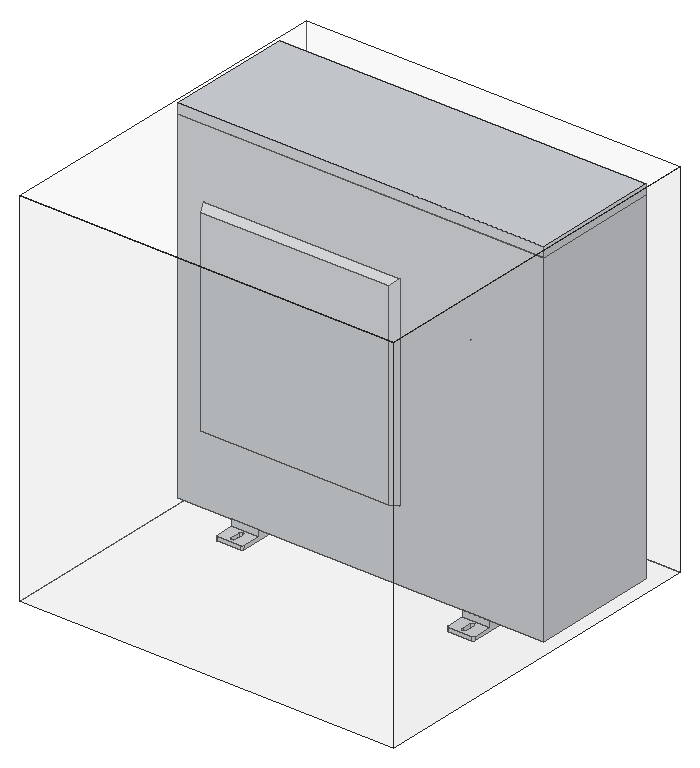
Revit family "puz-zrmp80hka15_280ka5_60hz", category 機械設備, Revit 2019
Family settings
  丸型コネクタ寸法 = 直径を使用
  パーツ タイプ = 標準
  OmniClass 番号 = 23.75.10.24.21.27.27
  OmniClass タイトル = Split System Air Conditioning Units
  作業面ベース = いいえ
  常に垂直 = はい
  ロード時にボイドで切り取り = いいえ
  共有 = いいえ
  部屋計算ポイント = いいえ
Parameters (values of type "室外機_PUZ-ZRMP80HA15")
  音響パワーレベル_冷房 (dB) = 66
  音響パワーレベル_暖房 (dB) = 68
  音響パワーレベル(dB) = if([音響パワーレベル_冷房 (dB)] > [音響パワーレベル_暖房 (dB)], [音響パワーレベル_冷房 (dB)], [音響パワーレベル_暖房 (dB)])  # 68
  電源種別 = ""
  電源位置Y = 2 mm
  電源位置Z = 669 mm
  電源位置X = 275 mm
  電圧 = 200 V
  電動機出力_送風機 = 0.06 kW
  電動機出力_圧縮機 = 1.6 kW
  集中コントローラ [instance] = ""
  運転質量 = 0.00 kg
  運転方法 = "冷暖切替"
  質量 = if(製品質量 > 運転質量, 製品質量, 運転質量) * 1.2  # 84.00 kg
  負荷分類 = 1_熱源類
  説明 = "空冷H/P PAC インバータ室外機"
  設計暖房能力 [instance] = 0 kW
  設計冷房能力_顕熱 [instance] = 0 kW
  設計冷房能力 [instance] = 0 kW
  設置方法 = "床置形"
  記号 [instance] = ""
  製造元 = "三菱電機株式会社"
  製品質量 = 70.00 kg
  製品出荷対象 = "国内"
  製品リリース年月 = ""
  製品グループ = ""
  系統 [instance] = ""
  符号 = "PAC"
  積算_科目 = "1 空気調和設備"
  積算_拾い区分 [instance] = ""
  相 = 1
  盤記号 [instance] = ""
  発停方法 = "付属スイッチ"
  特殊仕様 [instance] = ""
  消費電力_暖房 = 2.34 kW
  消費電力_冷房 = 1.98 kW
  消費電力 = if(消費電力_冷房 > 消費電力_暖房, 消費電力_冷房, 消費電力_暖房)  # 2.34 kW
  法定耐用年数 = "6"
  構成品番 = "PUZ-ZRMP80SHA15-BSG"
  極数 = 1
  材質 [instance] = ""
  本体マテリアル = none
  最小電線太さ_mm2 = 3.5
  最大電流値 = 0 A
  暖房能力 = 8 kW
  推奨ブレーカー容量 = 30 A
  据付ピッチ1 = 0 mm
  形式 = "パッケージ形 室外機"
  形名 = PUZ-EZRMP-2 : PUZ-EZRMP-2-2
  幹線記号 [instance] = ""
  始動方式 = "インバータ始動方式"
  呼称 = "パッケージ形空気調和機_室外機"
  周波数 = 60 Hz
  価格 = 0
  ドレン　位置Z = 23 mm
  ドレン　位置Y = 111 mm
  ドレン　位置X = 30 mm
  アンカーボルト位置Y = 370 mm
  アンカーボルト位置X = 600 mm
  参照している仕様書等のバージョン = "公共建築物標準仕様書（機械設備工事編）平成31年度版"
  分類コード = "5.0053E+13"
  分類グループ = ""
  冷房能力 = 7.1 kW
  冷媒管（ガス）位置X = 434 mm
  冷媒管（液）位置X = 377 mm
  冷媒管（液）位置Y = 290 mm
  冷媒管（ガス）位置Y = 229 mm
  冷媒管長 [instance] = 0 mm
  冷媒管径符号 = "Bd"
  冷媒管径 = 100.00 mm
  冷媒管位置Z = 447 mm
  冷媒管位置Y = (冷媒管（液）位置Y + 冷媒管（ガス）位置Y) / 2  # 259.5 mm
  冷媒管位置X = (冷媒管（液）位置X + 冷媒管（ガス）位置X) / 2  # 405.5 mm
  冷媒液管径 = 9.52 mm
  冷媒ガス管径 = 15.88 mm
  企業コード = "108420"
  付属品 [instance] = ""
  仕様書バージョン = "Version1.0"
  ユニット数 = 1
  ユニット3 = yes
  ユニット2 = yes
  Model = ""
  ドレン管径 = 33.00 mm
  サービススペース = yes
  コメント [instance] = ""
  ケーブル種類1 = ""
  【値が 0 の項目は組合せ形名にてご確認ください】 = ""
  Width = 950 mm
  Version = ""
  Uniclass2015Version = "Systems v1.9"
  Uniclass2015Title = "Split coil remote air cooled condensing units"
  Uniclass2015Code = "Pr_70_65_03_84"
  URL = "https://www.mitsubishielectric.co.jp/ldg/wink/ssl/top.do"
  SpecificationReference = ""
  SpecificationDescription = ""
  Revision = ""
  ProductInformation = ""
  OmniClassCode = "23-33 17 13 11"
  IfcTypeProduct = ""
  IfcProduct = ""
  IfcExportType = "AIRCONDITIONINGUNIT"
  IfcExportAs = "IfcUnitaryEquipmentType"
  Height = 943 mm
  Depth = 330 mm
  Clearance Top = 0 mm
  Clearance Right = 10 mm
  Clearance Left = 10 mm
  Clearance Front = 500 mm
  Clearance Bottom = 0 mm
  Clearance Back = 100 mm
  COP_暖房 = 0
  COP_冷房 = 0
  COP = (COP_冷房 + COP_暖房) / 2  # 0
  Author = "三菱電機株式会社"
  APF = 0
Reference planes
  plane 1 "中心(正面/背面)": y = 74
  plane 2: z = 0
  plane 3 "中心(左/右)": x = 830
  plane 4 "右": x = 1305
  plane 5 "左": x = 355
  plane 6 "背面": y = 239
  plane 7 "正面": y = -91
  plane 8 "上部": z = 943
  plane 9 "Clearanse Top": z = 943
  plane 10 "SS_back": y = 339
  plane 11 "SS_front": y = -591
  plane 12 "SS_left": x = 345
  plane 13 "SS_right": x = 1315
  plane 14: z = 0
  plane 15: y = -89
  plane 16: x = 1105
  plane 17: z = 669
  plane 18: y = -87
  plane 19: y = -20.5
  plane 20: x = 1235.5
  plane 21: z = 447
  plane 22: z = 449
  plane 23: y = 128
  plane 24: x = 385
  plane 25: z = 25
  plane 26: z = 23
  plane 27: x = 530
  plane 28: x = 1130
  plane 29: y = 254
  plane 30: y = -116
Forms (mm)
  Extrusion 1, solid, detail levels fine
    sketch origin (0, -91, 0) x (1, 0, 0) y (0, 0, 1)
      loop
        circle (1105, 669) r 13.5
    from -4 to -2
  Extrusion 2, solid, detail levels fine
    sketch origin (-1437.329, -1524, 54) x (-1, 0, 0) y (0, -1, 0)
      loop
        circle (-2672.829, -1503.5) r 50
    from 393 to 395
  Extrusion 3, solid, detail levels fine
    sketch origin (-1437.329, -1524, 54) x (-1, 0, 0) y (0, -1, 0)
      loop
        circle (-1822.329, -1652) r 16.5
    from -31 to -29
Lines and regions (mm)
  model lines, not visible
    curve 1: line (460, 178.667, 1289.179) -> (460, 297.73, 1289.179)
    curve 2: line (460, 178.667, 1056.056) -> (460, 178.667, 1289.179)
    curve 3: line (460, 297.73, 1056.056) -> (460, 178.667, 1056.056)
    curve 4: line (460, 297.73, 1289.179) -> (460, 297.73, 1056.056)
    curve 5: line (460, 47.598, 1289.179) -> (460, 166.661, 1289.179)
    curve 6: line (460, 47.598, 1056.056) -> (460, 47.598, 1289.179)
    curve 7: line (460, 166.661, 1056.056) -> (460, 47.598, 1056.056)
    curve 8: line (460, 166.661, 1289.179) -> (460, 166.661, 1056.056)
    curve 9: line (460, -83.471, 1289.179) -> (460, 35.592, 1289.179)
    curve 10: line (460, -83.471, 1056.056) -> (460, -83.471, 1289.179)
    curve 11: line (460, 35.592, 1056.056) -> (460, -83.471, 1056.056)
    curve 12: line (460, 35.592, 1289.179) -> (460, 35.592, 1056.056)
    curve 13: line (460, -150.779, 1289.179) -> (460, -95.75, 1289.179)
    curve 14: line (460, -150.779, 1056.056) -> (460, -150.779, 1289.179)
    curve 15: line (460, -95.75, 1056.056) -> (460, -150.779, 1056.056)
    curve 16: line (460, -95.75, 1289.179) -> (460, -95.75, 1056.056)
    curve 17: line (460, -150.779, 1283.175) -> (460, -132.596, 1283.175)
    curve 18: line (460, -150.779, 1062.059) -> (460, -150.779, 1283.175)
    curve 19: line (460, -132.596, 1062.059) -> (460, -150.779, 1062.059)
    curve 20: line (460, -132.596, 1283.175) -> (460, -132.596, 1062.059)
    curve 21: line (460, 178.667, 1046.051) -> (460, 297.73, 1046.051)
    curve 22: line (460, 178.667, 812.928) -> (460, 178.667, 1046.051)
    curve 23: line (460, 297.73, 812.928) -> (460, 178.667, 812.928)
    curve 24: line (460, 297.73, 1046.051) -> (460, 297.73, 812.928)
    curve 25: line (460, 47.598, 1046.051) -> (460, 166.661, 1046.051)
    curve 26: line (460, 47.598, 812.928) -> (460, 47.598, 1046.051)
    curve 27: line (460, 166.661, 812.928) -> (460, 47.598, 812.928)
    curve 28: line (460, 166.661, 1046.051) -> (460, 166.661, 812.928)
    curve 29: line (460, -83.471, 1046.051) -> (460, 35.592, 1046.051)
    curve 30: line (460, -83.471, 812.928) -> (460, -83.471, 1046.051)
    curve 31: line (460, 35.592, 812.928) -> (460, -83.471, 812.928)
    curve 32: line (460, 35.592, 1046.051) -> (460, 35.592, 812.928)
    curve 33: line (460, -150.779, 1046.051) -> (460, -95.75, 1046.051)
    curve 34: line (460, -150.779, 812.928) -> (460, -150.779, 1046.051)
    curve 35: line (460, -95.75, 812.928) -> (460, -150.779, 812.928)
    curve 36: line (460, -95.75, 1046.051) -> (460, -95.75, 812.928)
    curve 37: line (460, -150.779, 1040.048) -> (460, -132.596, 1040.048)
    curve 38: line (460, -150.779, 818.931) -> (460, -150.779, 1040.048)
    curve 39: line (460, -132.596, 818.931) -> (460, -150.779, 818.931)
    curve 40: line (460, -132.596, 1040.048) -> (460, -132.596, 818.931)
    curve 41: line (460, 178.667, 802.923) -> (460, 297.73, 802.923)
    curve 42: line (460, 178.667, 569.8) -> (460, 178.667, 802.923)
    curve 43: line (460, 297.73, 569.8) -> (460, 178.667, 569.8)
    curve 44: line (460, 297.73, 802.923) -> (460, 297.73, 569.8)
    curve 45: line (460, 47.598, 802.923) -> (460, 166.661, 802.923)
    curve 46: line (460, 47.598, 569.8) -> (460, 47.598, 802.923)
    curve 47: line (460, 166.661, 569.8) -> (460, 47.598, 569.8)
    curve 48: line (460, 166.661, 802.923) -> (460, 166.661, 569.8)
    curve 49: line (460, -83.471, 802.923) -> (460, 35.592, 802.923)
    curve 50: line (460, -83.471, 569.8) -> (460, -83.471, 802.923)
    curve 51: line (460, 35.592, 569.8) -> (460, -83.471, 569.8)
    curve 52: line (460, 35.592, 802.923) -> (460, 35.592, 569.8)
    curve 53: line (460, -150.779, 802.923) -> (460, -95.75, 802.923)
    curve 54: line (460, -150.779, 569.8) -> (460, -150.779, 802.923)
    curve 55: line (460, -95.75, 569.8) -> (460, -150.779, 569.8)
    curve 56: line (460, -95.75, 802.923) -> (460, -95.75, 569.8)
    curve 57: line (460, -150.779, 796.92) -> (460, -132.596, 796.92)
    curve 58: line (460, -150.779, 575.803) -> (460, -150.779, 796.92)
    curve 59: line (460, -132.596, 575.803) -> (460, -150.779, 575.803)
    curve 60: line (460, -132.596, 796.92) -> (460, -132.596, 575.803)
    curve 61: line (460, 178.667, 559.795) -> (460, 297.73, 559.795)
    curve 62: line (460, 178.667, 326.672) -> (460, 178.667, 559.795)
    curve 63: line (460, 297.73, 326.672) -> (460, 178.667, 326.672)
    curve 64: line (460, 297.73, 559.795) -> (460, 297.73, 326.672)
    curve 65: line (460, 47.598, 559.795) -> (460, 166.661, 559.795)
    curve 66: line (460, 47.598, 326.672) -> (460, 47.598, 559.795)
    curve 67: line (460, 166.661, 326.672) -> (460, 47.598, 326.672)
    curve 68: line (460, 166.661, 559.795) -> (460, 166.661, 326.672)
    curve 69: line (460, -83.471, 559.795) -> (460, 35.592, 559.795)
    curve 70: line (460, -83.471, 326.672) -> (460, -83.471, 559.795)
    curve 71: line (460, 35.592, 326.672) -> (460, -83.471, 326.672)
    curve 72: line (460, 35.592, 559.795) -> (460, 35.592, 326.672)
    curve 73: line (460, -150.779, 559.795) -> (460, -95.75, 559.795)
    curve 74: line (460, -150.779, 326.672) -> (460, -150.779, 559.795)
    curve 75: line (460, -95.75, 326.672) -> (460, -150.779, 326.672)
    curve 76: line (460, -95.75, 559.795) -> (460, -95.75, 326.672)
    curve 77: line (460, -150.779, 553.792) -> (460, -132.596, 553.792)
    curve 78: line (460, -150.779, 332.675) -> (460, -150.779, 553.792)
    curve 79: line (460, -132.596, 332.675) -> (460, -150.779, 332.675)
    curve 80: line (460, -132.596, 553.792) -> (460, -132.596, 332.675)
    curve 81: line (460, 178.667, 316.667) -> (460, 297.73, 316.667)
    curve 82: line (460, 178.667, 83.544) -> (460, 178.667, 316.667)
    curve 83: line (460, 297.73, 83.544) -> (460, 178.667, 83.544)
    curve 84: line (460, 297.73, 316.667) -> (460, 297.73, 83.544)
    curve 85: line (460, 47.598, 316.667) -> (460, 166.661, 316.667)
    curve 86: line (460, 47.598, 83.544) -> (460, 47.598, 316.667)
    curve 87: line (460, 166.661, 83.544) -> (460, 47.598, 83.544)
    curve 88: line (460, 166.661, 316.667) -> (460, 166.661, 83.544)
    curve 89: line (460, -83.471, 316.667) -> (460, 35.592, 316.667)
    curve 90: line (460, -83.471, 83.544) -> (460, -83.471, 316.667)
    curve 91: line (460, 35.592, 83.544) -> (460, -83.471, 83.544)
    curve 92: line (460, 35.592, 316.667) -> (460, 35.592, 83.544)
    curve 93: line (460, -150.779, 316.667) -> (460, -95.75, 316.667)
    curve 94: line (460, -150.779, 83.544) -> (460, -150.779, 316.667)
    curve 95: line (460, -95.75, 83.544) -> (460, -150.779, 83.544)
    curve 96: line (460, -95.75, 316.667) -> (460, -95.75, 83.544)
    curve 97: line (460, -150.779, 310.664) -> (460, -132.596, 310.664)
    curve 98: line (460, -150.779, 89.547) -> (460, -150.779, 310.664)
    curve 99: line (460, -132.596, 89.547) -> (460, -150.779, 89.547)
    curve 100: line (460, -132.596, 310.664) -> (460, -132.596, 89.547)
Dimensions and locks
  equal spacing: plane 7 "正面", plane 1 "中心(正面/背面)", plane 6 "背面"
  "Depth": plane 7 "正面" to plane 6 "背面"
  "Width": plane 5 "左" to plane 4 "右"
  equal spacing: plane 5 "左", plane 3 "中心(左/右)", plane 4 "右"
  "Clearance Left": plane 12 "SS_left" to plane 5 "左"
  "Clearance Right": plane 4 "右" to plane 13 "SS_right"
  "Clearance Back": plane 6 "背面" to plane 10 "SS_back"
  "Clearance Front": plane 11 "SS_front" to plane 7 "正面"
  "Height": plane 8 "上部" to level
  "Clearance Top": plane 9 "Clearanse Top" to plane 8 "上部"
  "Clearance Bottom": level to plane 14
  "電源位置X": plane 3 "中心(左/右)" to plane 16
  "電源位置Y": plane 7 "正面" to plane 15
  "電源位置Z": plane 17 to level
  locked: plane 15 to plane 18 at 2
  "冷媒管位置X": plane 3 "中心(左/右)" to plane 20
  "冷媒管位置Y": plane 19 to plane 6 "背面"
  "冷媒管位置Z": plane 21 to level
  locked: plane 22 to plane 21 at 2
  "ドレン　位置X": plane 5 "左" to plane 24
  "ドレン　位置Y": plane 23 to plane 6 "背面"
  locked: plane 25 to plane 26 at 2
  "ドレン　位置Z": plane 26 to level
  "アンカーボルト位置Y": plane 30 to plane 29
  equal spacing: plane 27, plane 3 "中心(左/右)", plane 28
  "アンカーボルト位置X": plane 27 to plane 28
  plane 6 "背面" to plane 29 to nested 2 = 15 mm, 19 mm
  plane 30 to plane 7 "正面" = 25 mm
  radius of Extrusion 1 sketch curve = 13.5 mm
  "冷媒管径": diameter of Extrusion 2 sketch curve
  "ドレン管径": diameter of Extrusion 3 sketch curve
  aligned and locked: level to plane 2
  aligned and locked: plane 10 "SS_back" to nested 1  (x2)
  aligned and locked: plane 13 "SS_right" to nested 1
  aligned and locked: plane 12 "SS_left" to nested 1  (x2)
  aligned and locked: nested 1 to plane 13 "SS_right"
  aligned and locked: plane 11 "SS_front" to nested 1
  aligned and locked: plane 9 "Clearanse Top" to nested 1
  aligned and locked: plane 1 "中心(正面/背面)" to nested 2
  aligned and locked: plane 3 "中心(左/右)" to nested 2
  aligned and locked: plane 14 to nested 1
  aligned and locked: plane 17 to Extrusion 1 sketch curve
  aligned and locked: plane 16 to Extrusion 1 sketch curve
  aligned and locked: Extrusion 1 to plane 18
  aligned and locked: plane 15 to Extrusion 1
  aligned and locked: plane 19 to Extrusion 2 sketch curve
  aligned and locked: plane 20 to Extrusion 2 sketch curve
  aligned and locked: plane 22 to Extrusion 2
  aligned and locked: Extrusion 2 to plane 21
  aligned and locked: plane 24 to Extrusion 3 sketch curve
  aligned and locked: plane 23 to Extrusion 3 sketch curve
  aligned and locked: plane 25 to Extrusion 3
  aligned and locked: Extrusion 3 to plane 26
  aligned and locked: plane 27 to nested 3
  aligned and locked: plane 29 to nested 3
Nested families
  nested 1: "サービススペース" at (830, -126, 471.5), visible <- "サービススペース", type "サービススペース"
    with Width 970 mm, Height 943 mm, Depth 930 mm
  nested 2: "PUZ-EZRMP-2" at (830, 74, 0), type <- "形名", type "PUZ-EZRMP-2-2", detail levels fine
  nested 3: "固定点" at (530, -116, 0), type "固定点"
    with W 600 mm, D 370 mm
Connectors
  piping at (1235.5, -20.5, 447), diameter 100, driven by "冷媒管径", driven by "冷媒管径符号"
    settings: on Extrusion 2, index 1, connector inside diameter 609.60 mm, connector length 0 mm, flow factor 0, pipe flow 0.0 L/s, pressure drop 0.0 Pa, fitting loss kfactor 0, connector angle 0.00°, fixture units 0, engagement length 0 mm, angle of deflection 0.00°, flow configuration 1, flow direction 2, fitting loss method 4, system type 7, joint type 0, gender type 0, connector reference index -1, connector utility 0, adjustable connector no, is connector primary yes, connector description "Bd"
  electrical at (1105, -89, 669), driven by "極数", driven by "負荷分類", driven by "電圧", driven by "消費電力"
    settings: on Extrusion 1, index 2, voltage 200 V, apparent load 2340 VA, apparent load phase1 0 VA, apparent load phase2 0 VA, apparent load phase3 0 VA, power factor 1, load classification "1_熱源類", number of poles 1, system type 30, power factor state 1, is connector primary yes, connector utility no, sub classification motor no, connector description ""
Definition of nested family "サービススペース"
  Parameters (values of type "サービススペース")
    Width [instance] = 500 mm
    Height [instance] = 500 mm
    Depth [instance] = 500 mm
  Reference planes
    plane 1 "中心(正面/背面)": y = 0
    plane 2: z = 0
    plane 3 "中心(左/右)": x = 0
    plane 4: y = -250
    plane 5: x = 250
    plane 6: y = 250
    plane 7: x = -250
    plane 8: z = 250
    plane 9: z = -250
  Forms (mm)
    Extrusion 1, solid
      sketch origin (-638.939, 0, 72.39) x (1, 0, 0) y (0, 1, 0)
        loop
          line (388.939, 250) -> (388.939, -250) -> (888.939, -250) -> (888.939, 250) -> (388.939, 250)
      from -322.39 to 177.61
  Lines and regions (mm)
    symbolic lines
      curve 1: line (-250, 0, 250) -> (250, 0, 250)
      curve 2: line (-250, 0, -250) -> (-250, 0, 250)
      curve 3: line (250, 0, -250) -> (-250, 0, -250)
      curve 4: line (250, 0, 250) -> (250, 0, -250)
      curve 5: line (0, -250, 250) -> (0, 250, 250)
      curve 6: line (0, -250, -250) -> (0, -250, 250)
      curve 7: line (0, 250, -250) -> (0, -250, -250)
      curve 8: line (0, 250, 250) -> (0, 250, -250)
      curve 9: line (-250, 250, 0) -> (250, 250, 0)
      curve 10: line (-250, -250, 0) -> (-250, 250, 0)
      curve 11: line (250, -250, 0) -> (-250, -250, 0)
      curve 12: line (250, 250, 0) -> (250, -250, 0)
  Dimensions and locks
    equal spacing: plane 7, plane 3 "中心(左/右)", plane 5
    equal spacing: plane 4, plane 1 "中心(正面/背面)", plane 6
    "Depth": plane 4 to plane 6
    "Width": plane 7 to plane 5
    equal spacing: plane 8, plane 2, plane 9
    "Height": plane 8 to plane 9
    aligned and locked: plane 9 to curve 3
    aligned and locked: plane 7 to curve 2
    aligned and locked: curve 4 to plane 5
    aligned and locked: plane 5 to Extrusion 1
    aligned and locked: Extrusion 1 to plane 7
    aligned and locked: Extrusion 1 to plane 9
    aligned and locked: plane 8 to Extrusion 1
    aligned and locked: plane 9 to curve 7
  Automatic sketch dimensions
    plane 4 to Extrusion 1 sketch curve = 0 mm
    Extrusion 1 sketch curve to plane 7 = 0 mm
    Extrusion 1 sketch curve to plane 5 = 0 mm
    plane 6 to Extrusion 1 sketch curve = 0 mm
    curve 2 to plane 8 = 0 mm
    plane 4 to curve 11 = 0 mm
    curve 11 to plane 7 = 0 mm
    curve 11 to plane 5 = 0 mm
    plane 6 to curve 10 = 0 mm
    curve 7 to plane 4 = 0 mm
    curve 7 to plane 6 = 0 mm
    curve 6 to plane 8 = 0 mm
Definition of nested family "PUZ-EZRMP-2"
  Parameters (values of type "PUZ-EZRMP-2-2")
    配線取出口サイズ = 27 mm
    配線取出口-Z = 669 mm
    配線取出口-Y = 325 mm
    配線取出口-X = 275 mm
    液配管サイズ = 100 mm
    高さ = 943 mm
    換気-W = 322 mm
    換気-H2 = 632 mm
    換気-H1 = 473 mm
    換気-D = 25 mm
    奥行き = 330 mm
    吊りボルト_H = 0 mm
    吊りボルト-φ = 12 mm
    冷媒配管サイズ = 9.52 mm
    冷媒液管径-Z = 447 mm
    冷媒液管径-Y = 290 mm
    冷媒液管径-X = 377 mm
    冷媒ガス管径-Z = 431 mm
    冷媒ガス管径-Y = 269 mm
    冷媒ガス管径-X = 434 mm
    吊りボルト-W = 600 mm
    マテリアル = none
    ドレン配管サイズ = 33 mm
    ドレン管径-Z = 0 mm
    ドレン管径-Y = 219 mm
    ドレン管径-X = 445 mm
    タイプ3 = no
    タイプ2 = yes
    タイプ1 = no
    ガス配管サイズ = 15.88 mm
    吊りボルト-D = 370 mm
    幅さ = 950 mm
    a = 幅さ / 2  # 475 mm
  Reference planes
    plane 1 "中心(正面/背面)": y = 0
    plane 2: z = 0
    plane 3 "中心(左/右)": x = 0
    plane 4: z = 943
    plane 5: x = -475
    plane 6: x = 475
    plane 7: y = 165
    plane 8: y = -165
    plane 9: x = 537
    plane 10: y = -105
    plane 11: y = 5
    plane 12: z = 918
    plane 13: x = -495
    plane 14: x = -300
    plane 15: x = 300
    plane 16: y = 180
    plane 17: y = -190
    plane 18: x = 335
    plane 19: x = 265
    plane 20: x = -265
    plane 21: x = -335
    plane 22: y = 199
    plane 23: y = -218
    plane 24: z = 8.5
    plane 25: z = 25
    plane 26: z = 23
    plane 27: x = -185
    plane 28: x = 170
    plane 29: z = 938
    plane 30: y = -40
    plane 31: y = 40
    plane 32: y = -30
    plane 33: y = 30
    plane 34: z = 923
    plane 35: z = 55
    plane 36: z = 225
    plane 37: z = 570
    plane 38: x = 485
    plane 39: x = 506
    plane 40: y = -190
    plane 41: x = -153
    plane 42: z = 473
    plane 43: x = 101
    plane 44: x = -407
    plane 45: z = 737
    plane 46: z = 209
    plane 47: x = -397
    plane 48: x = 91
    plane 49: z = 727
    plane 50: z = 219
    plane 51: y = 115
    plane 52: y = -115
    plane 53: y = 54
    plane 54: x = 434
    plane 55: x = 275
    plane 56: y = -160
    plane 57: y = -125
    plane 58: y = -104
    plane 59: x = 377
    plane 60: z = 431
    plane 61: z = 447
    plane 62: z = 669
    plane 63: y = -110
    plane 64: z = 531
    plane 65: z = 547
    plane 66: x = 405.5
    plane 67: y = -114.5
    plane 68 "グループ": x = -475
    plane 69: z = 1338
    plane 70: z = 943
    plane 71: z = 1105
    plane 72: z = 1369
    plane 73: z = 841
    plane 74: z = 1359
    plane 75: z = 851
    plane 76: x = -445
    plane 77: y = 135
    plane 78: x = -225
    plane 79: x = -80
    plane 80: x = 65
    plane 81: x = 210
    plane 82: y = -210
  Forms (mm)
    Extrusion 1, solid, visible <- "タイプ2", detail levels fine
      sketch origin (-1437.329, -1524, 943) x (-1, 0, 0) y (0, -1, 0)
        loop
          line (-1102.329, -1689) -> (-1102.329, -1359) -> (-1172.329, -1359) -> (-1172.329, -1689) -> (-1102.329, -1689)
        loop
          line (-1702.329, -1689) -> (-1702.329, -1359) -> (-1772.329, -1359) -> (-1772.329, -1689) -> (-1702.329, -1689)
      from -943 to -918
    Extrusion 2, solid, material <- "マテリアル", visible <- "タイプ2", detail levels fine
      sketch origin (-1437.329, -1524, 943) x (-1, 0, 0) y (0, -1, 0)
        loop
          line (-1912.329, -1689) -> (-962.329, -1689) -> (-962.329, -1359) -> (-1912.329, -1359) -> (-1912.329, -1689)
      from -918 to -25
    Extrusion 3, solid, material <- "マテリアル", visible <- "タイプ2", detail levels fine
      sketch origin (-1437.329, -1524, 943) x (-1, 0, 0) y (0, -1, 0)
        loop
          line (-962.329, -1689) -> (-962.329, -1359) -> (-1912.329, -1359) -> (-1912.329, -1689) -> (-962.329, -1689)
      from -25 to 0
    Blend 4, solid, material <- "マテリアル", visible <- "タイプ2", detail levels fine
      base sketch origin (0, 0, 0) x (1, 0, 0) y (0, 0, 1)
        loop
          line (-407, 737) -> (-407, 209) -> (101, 209) -> (101, 737) -> (-407, 737)
      top sketch origin (0, 0, 0) x (1, 0, 0) y (0, 0, 1)
        loop
          line (-397, 727) -> (-397, 219) -> (91, 219) -> (91, 727) -> (-397, 727)
      from 165 to 190
    Extrusion 5, solid, material <- "マテリアル", visible <- "タイプ2", detail levels fine
      sketch origin (-1437.329, -1524, 943) x (-1, 0, 0) y (0, -1, 0)
        loop
          circle (-1871.329, -1420) r 7.94
      from -512 to -412
    Extrusion 6, solid, material <- "マテリアル", visible <- "タイプ2", detail levels fine
      sketch origin (-1437.329, -1524, 943) x (-1, 0, 0) y (0, -1, 0)
        loop
          circle (-1814.329, -1399) r 4.76
      from -496 to -396
    Extrusion 7, solid, material <- "マテリアル", visible <- "タイプ2", detail levels fine
      sketch origin (1480.036, -190, 1200) x (1, 0, 0) y (0, 0, 1)
        loop
          circle (-1205.036, -531) r 13.5
      from -80 to -30
    Extrusion 8, solid, material <- "マテリアル", visible <- "タイプ2", detail levels fine
      sketch origin (-1437.329, -1524, 943) x (-1, 0, 0) y (0, -1, 0)
        loop
          circle (-1842.829, -1409.5) r 50
      from -496 to -396
    Extrusion 9, solid, visible <- "タイプ2", detail levels fine
      sketch origin (-1437.329, -1524, 943) x (-1, 0, 0) y (0, -1, 0)
        loop
          line (-1102.329, -1723) -> (-1102.329, -1689) -> (-1172.329, -1689) -> (-1172.329, -1723) -> (-1143.329, -1723) -> (-1143.329, -1704)
          arc (-1143.329, -1704) -> (-1137.329, -1698) -> (-1131.329, -1704) r 6
          line (-1131.329, -1704) -> (-1131.329, -1723) -> (-1102.329, -1723)
        loop
          line (-1102.329, -1359) -> (-1102.329, -1311)
          arc (-1102.329, -1311) -> (-1103.794, -1307.464) -> (-1107.329, -1306) r 5
          line (-1107.329, -1306) -> (-1167.329, -1306)
          arc (-1167.329, -1306) -> (-1170.865, -1307.464) -> (-1172.329, -1311) r 5
          line (-1172.329, -1311) -> (-1172.329, -1359) -> (-1102.329, -1359)
        loop
          line (-1772.329, -1723) -> (-1743.329, -1723) -> (-1743.329, -1704)
          arc (-1743.329, -1704) -> (-1737.329, -1698) -> (-1731.329, -1704) r 6
          line (-1731.329, -1704) -> (-1731.329, -1723) -> (-1702.329, -1723) -> (-1702.329, -1689) -> (-1772.329, -1689) -> (-1772.329, -1723)
        loop
          line (-1772.329, -1359) -> (-1702.329, -1359) -> (-1702.329, -1311)
          arc (-1702.329, -1311) -> (-1703.794, -1307.464) -> (-1707.329, -1306) r 5
          line (-1707.329, -1306) -> (-1767.329, -1306)
          arc (-1767.329, -1306) -> (-1770.865, -1307.464) -> (-1772.329, -1311) r 5
          line (-1772.329, -1311) -> (-1772.329, -1359)
        loop
          line (-1743.329, -1320) -> (-1743.329, -1344)
          arc (-1743.329, -1344) -> (-1737.329, -1350) -> (-1731.329, -1344) r 6
          line (-1731.329, -1344) -> (-1731.329, -1320)
          arc (-1731.329, -1320) -> (-1737.329, -1314) -> (-1743.329, -1320) r 6
        loop
          line (-1143.329, -1320) -> (-1143.329, -1344)
          arc (-1143.329, -1344) -> (-1137.329, -1350) -> (-1131.329, -1344) r 6
          line (-1131.329, -1344) -> (-1131.329, -1320)
          arc (-1131.329, -1320) -> (-1137.329, -1314) -> (-1143.329, -1320) r 6
      from -943 to -934.5
    Extrusion 10, solid, material <- "マテリアル", visible <- "タイプ2", detail levels fine
      sketch origin (-1437.329, -1524, 943) x (-1, 0, 0) y (0, -1, 0)
        loop
          circle (-992.329, -1578) r 16.5
        loop
          circle (-1212.329, -1659) r 16.5
        loop
          circle (-1357.329, -1659) r 16.5
        loop
          circle (-1502.329, -1659) r 16.5
        loop
          circle (-1647.329, -1659) r 16.5
      from -920 to -918
  Cuts and joins
    joined: Extrusion 1, Extrusion 9
  Lines and regions (mm)
    Masking region 1, visible <- "タイプ2", detail levels coarse+medium
      outline origin (-1437.329, -1524, 943) x (-1, 0, 0) y (0, -1, 0)
        loop
          line (-1912.329, -1689) -> (-1772.329, -1689) -> (-1772.329, -1723) -> (-1702.329, -1723) -> (-1702.329, -1689) -> (-1172.329, -1689) -> (-1172.329, -1723) -> (-1102.329, -1723) -> (-1102.329, -1689) -> (-962.329, -1689) -> (-962.329, -1359) -> (-1030.329, -1359) -> (-1040.329, -1334) -> (-1102.329, -1334) -> (-1102.329, -1306) -> (-1172.329, -1306) -> (-1172.329, -1334) -> (-1528.329, -1334) -> (-1538.329, -1359) -> (-1702.329, -1359) -> (-1702.329, -1306) -> (-1772.329, -1306) -> (-1772.329, -1359) -> (-1912.329, -1359) -> (-1912.329, -1689)
    model lines, visible <- "タイプ2", detail levels fine
      curve 1: line (395, 115, 943) -> (-395, 115, 943)
      curve 2: line (-395, -115, 943) -> (395, -115, 943)
      curve 3: line (-395, -45, 943) -> (395, -45, 943)
      curve 4: line (395, 45, 943) -> (-395, 45, 943)
      curve 5: line (-395, -35, 943) -> (395, -35, 943)
      curve 6: line (395, 35, 943) -> (-395, 35, 943)
      curve 7: line (-395, 115, 943) -> (-395, 45, 943)
      curve 8: line (395, -115, 943) -> (395, -45, 943)
      curve 9: line (-395, 35, 943) -> (-395, -35, 943)
      curve 10: line (-395, -45, 943) -> (-395, -115, 943)
      curve 11: line (395, -35, 943) -> (395, 35, 943)
      curve 12: line (395, 45, 943) -> (395, 115, 943)
      curve 13: line (425, -115, 943) -> (425, 115, 943)
      curve 14: line (410, -115, 943) -> (410, 115, 943)
      curve 15: line (-425, 115, 943) -> (-425, -115, 943)
      curve 16: line (-410, 115, 943) -> (-410, -115, 943)
      curve 17: line (-410, 115, 943) -> (-425, 115, 943)
      curve 18: line (-410, -115, 943) -> (-425, -115, 943)
      curve 19: line (410, 115, 943) -> (425, 115, 943)
      curve 20: line (410, -115, 943) -> (425, -115, 943)
      curve 21: line (-397, -190, 520.5) -> (91, -190, 520.5)
      curve 22: line (91, -190, 425.5) -> (-397, -190, 425.5)
      curve 23: line (-397, -190, 615.5) -> (91, -190, 615.5)
      curve 24: line (-397, -190, 710.5) -> (91, -190, 710.5)
      curve 25: line (91, -190, 330.5) -> (-397, -190, 330.5)
      curve 26: line (91, -190, 235.5) -> (-397, -190, 235.5)
      curve 27: line (-379.571, -190, 727) -> (-379.571, -190, 219)
      curve 28: line (73.571, -190, 219) -> (73.571, -190, 727)
      curve 29: line (-362.143, -190, 727) -> (-362.143, -190, 219)
      curve 30: line (-344.714, -190, 727) -> (-344.714, -190, 219)
      curve 31: line (-327.286, -190, 727) -> (-327.286, -190, 219)
      curve 32: line (-309.857, -190, 727) -> (-309.857, -190, 219)
      curve 33: line (-292.429, -190, 727) -> (-292.429, -190, 219)
      curve 34: line (-275, -190, 727) -> (-275, -190, 219)
      curve 35: line (-257.571, -190, 727) -> (-257.571, -190, 219)
      curve 36: line (-240.143, -190, 727) -> (-240.143, -190, 219)
      curve 37: line (-222.714, -190, 727) -> (-222.714, -190, 219)
      curve 38: line (-205.286, -190, 727) -> (-205.286, -190, 219)
      curve 39: line (-187.857, -190, 727) -> (-187.857, -190, 219)
      curve 40: line (-170.429, -190, 727) -> (-170.429, -190, 219)
      curve 41: line (-153, -190, 727) -> (-153, -190, 219)
      curve 42: line (-135.571, -190, 727) -> (-135.571, -190, 219)
      curve 43: line (-118.143, -190, 727) -> (-118.143, -190, 219)
      curve 44: line (-100.714, -190, 727) -> (-100.714, -190, 219)
      curve 45: line (-83.286, -190, 727) -> (-83.286, -190, 219)
      curve 46: line (-65.857, -190, 727) -> (-65.857, -190, 219)
      curve 47: line (-48.429, -190, 727) -> (-48.429, -190, 219)
      curve 48: line (-31, -190, 727) -> (-31, -190, 219)
      curve 49: line (-13.571, -190, 727) -> (-13.571, -190, 219)
      curve 50: line (3.857, -190, 727) -> (3.857, -190, 219)
      curve 51: line (21.286, -190, 727) -> (21.286, -190, 219)
      curve 52: line (38.714, -190, 727) -> (38.714, -190, 219)
      curve 53: line (56.143, -190, 727) -> (56.143, -190, 219)
      curve 54: line (-475, -100, 33.5) -> (-475, -60, 33.5)
      curve 55: line (-475, -100, 73.5) -> (-475, -100, 33.5)
      curve 56: line (-475, -60, 73.5) -> (-475, -100, 73.5)
      curve 57: line (-475, -60, 33.5) -> (-475, -60, 73.5)
      curve 58: line (-475, 60, 33.5) -> (-475, 100, 33.5)
      curve 59: line (-475, 60, 73.5) -> (-475, 60, 33.5)
      curve 60: line (-475, 100, 73.5) -> (-475, 60, 73.5)
      curve 61: line (-475, 100, 33.5) -> (-475, 100, 73.5)
      curve 62: line (-475, -46.667, 33.5) -> (-475, -6.667, 33.5)
      curve 63: line (-475, -46.667, 73.5) -> (-475, -46.667, 33.5)
      curve 64: line (-475, -6.667, 73.5) -> (-475, -46.667, 73.5)
      curve 65: line (-475, -6.667, 33.5) -> (-475, -6.667, 73.5)
      curve 66: line (-475, 6.667, 33.5) -> (-475, 46.667, 33.5)
      curve 67: line (-475, 6.667, 73.5) -> (-475, 6.667, 33.5)
      curve 68: line (-475, 46.667, 73.5) -> (-475, 6.667, 73.5)
      curve 69: line (-475, 46.667, 33.5) -> (-475, 46.667, 73.5)
      curve 70: line (-475, -100, 87) -> (-475, -60, 87)
      curve 71: line (-475, -100, 277) -> (-475, -100, 87)
      curve 72: line (-475, -60, 277) -> (-475, -100, 277)
      curve 73: line (-475, -60, 87) -> (-475, -60, 277)
      curve 74: line (-475, -100, 292) -> (-475, -60, 292)
      curve 75: line (-475, -100, 482) -> (-475, -100, 292)
      curve 76: line (-475, -60, 482) -> (-475, -100, 482)
      curve 77: line (-475, -60, 292) -> (-475, -60, 482)
      curve 78: line (-475, -100, 497) -> (-475, -60, 497)
      curve 79: line (-475, -100, 687) -> (-475, -100, 497)
      curve 80: line (-475, -60, 687) -> (-475, -100, 687)
      curve 81: line (-475, -60, 497) -> (-475, -60, 687)
      curve 82: line (-475, -100, 702) -> (-475, -60, 702)
      curve 83: line (-475, -100, 892) -> (-475, -100, 702)
      curve 84: line (-475, -60, 892) -> (-475, -100, 892)
      curve 85: line (-475, -60, 702) -> (-475, -60, 892)
      curve 86: line (-475, 60, 87) -> (-475, 100, 87)
      curve 87: line (-475, 60, 277) -> (-475, 60, 87)
      curve 88: line (-475, 100, 277) -> (-475, 60, 277)
      curve 89: line (-475, 100, 87) -> (-475, 100, 277)
      curve 90: line (-475, -46.667, 87) -> (-475, -6.667, 87)
      curve 91: line (-475, -46.667, 277) -> (-475, -46.667, 87)
      curve 92: line (-475, -6.667, 277) -> (-475, -46.667, 277)
      curve 93: line (-475, -6.667, 87) -> (-475, -6.667, 277)
      curve 94: line (-475, 6.667, 87) -> (-475, 46.667, 87)
      curve 95: line (-475, 6.667, 277) -> (-475, 6.667, 87)
      curve 96: line (-475, 46.667, 277) -> (-475, 6.667, 277)
      curve 97: line (-475, 46.667, 87) -> (-475, 46.667, 277)
      curve 98: line (-475, 60, 292) -> (-475, 100, 292)
      curve 99: line (-475, 60, 482) -> (-475, 60, 292)
      curve 100: line (-475, 100, 482) -> (-475, 60, 482)
      curve 101: line (-475, 100, 292) -> (-475, 100, 482)
      curve 102: line (-475, 60, 702) -> (-475, 100, 702)
      curve 103: line (-475, 60, 892) -> (-475, 60, 702)
      curve 104: line (-475, 100, 892) -> (-475, 60, 892)
      curve 105: line (-475, 100, 702) -> (-475, 100, 892)
      curve 106: line (-475, -46.667, 292) -> (-475, -6.667, 292)
      curve 107: line (-475, -46.667, 482) -> (-475, -46.667, 292)
      curve 108: line (-475, -6.667, 482) -> (-475, -46.667, 482)
      curve 109: line (-475, -6.667, 292) -> (-475, -6.667, 482)
      curve 110: line (-475, -46.667, 497) -> (-475, -6.667, 497)
      curve 111: line (-475, -46.667, 687) -> (-475, -46.667, 497)
      curve 112: line (-475, -6.667, 687) -> (-475, -46.667, 687)
      curve 113: line (-475, -6.667, 497) -> (-475, -6.667, 687)
      curve 114: line (-475, -46.667, 702) -> (-475, -6.667, 702)
      curve 115: line (-475, -46.667, 892) -> (-475, -46.667, 702)
      curve 116: line (-475, -6.667, 892) -> (-475, -46.667, 892)
      curve 117: line (-475, -6.667, 702) -> (-475, -6.667, 892)
      curve 118: line (-475, 6.667, 292) -> (-475, 46.667, 292)
      curve 119: line (-475, 6.667, 482) -> (-475, 6.667, 292)
      curve 120: line (-475, 46.667, 482) -> (-475, 6.667, 482)
      curve 121: line (-475, 46.667, 292) -> (-475, 46.667, 482)
      curve 122: line (-475, 6.667, 497) -> (-475, 46.667, 497)
      curve 123: line (-475, 6.667, 687) -> (-475, 6.667, 497)
      curve 124: line (-475, 46.667, 687) -> (-475, 6.667, 687)
      curve 125: line (-475, 46.667, 497) -> (-475, 46.667, 687)
      curve 126: line (-475, 6.667, 702) -> (-475, 46.667, 702)
      curve 127: line (-475, 6.667, 892) -> (-475, 6.667, 702)
      curve 128: line (-475, 46.667, 892) -> (-475, 6.667, 892)
      curve 129: line (-475, 46.667, 702) -> (-475, 46.667, 892)
    model lines, visible <- "タイプ3", not visible
      curve 130: line (-404.5, -100, 907) -> (-404.5, -60, 907)
      curve 131: line (-404.5, -100, 1097) -> (-404.5, -100, 907)
      curve 132: line (-404.5, -60, 1097) -> (-404.5, -100, 1097)
      curve 133: line (-404.5, -60, 907) -> (-404.5, -60, 1097)
      curve 134: line (-404.5, 60, 907) -> (-404.5, 100, 907)
      curve 135: line (-404.5, 60, 1097) -> (-404.5, 60, 907)
      curve 136: line (-404.5, 100, 1097) -> (-404.5, 60, 1097)
      curve 137: line (-404.5, 100, 907) -> (-404.5, 100, 1097)
      curve 138: line (-404.5, -46.667, 907) -> (-404.5, -6.667, 907)
      curve 139: line (-404.5, -46.667, 1097) -> (-404.5, -46.667, 907)
      curve 140: line (-404.5, -6.667, 1097) -> (-404.5, -46.667, 1097)
      curve 141: line (-404.5, -6.667, 907) -> (-404.5, -6.667, 1097)
      curve 142: line (-404.5, 6.667, 907) -> (-404.5, 46.667, 907)
      curve 143: line (-404.5, 6.667, 1097) -> (-404.5, 6.667, 907)
      curve 144: line (-404.5, 46.667, 1097) -> (-404.5, 6.667, 1097)
      curve 145: line (-404.5, 46.667, 907) -> (-404.5, 46.667, 1097)
      curve 146: line (-404.5, -100, 1112) -> (-404.5, -60, 1112)
      curve 147: line (-404.5, -100, 1302) -> (-404.5, -100, 1112)
      curve 148: line (-404.5, -60, 1302) -> (-404.5, -100, 1302)
      curve 149: line (-404.5, -60, 1112) -> (-404.5, -60, 1302)
      curve 150: line (-404.5, 60, 1112) -> (-404.5, 100, 1112)
      curve 151: line (-404.5, 60, 1302) -> (-404.5, 60, 1112)
      curve 152: line (-404.5, 100, 1302) -> (-404.5, 60, 1302)
      curve 153: line (-404.5, 100, 1112) -> (-404.5, 100, 1302)
      curve 154: line (-404.5, -46.667, 1112) -> (-404.5, -6.667, 1112)
      curve 155: line (-404.5, -46.667, 1302) -> (-404.5, -46.667, 1112)
      curve 156: line (-404.5, -6.667, 1302) -> (-404.5, -46.667, 1302)
      curve 157: line (-404.5, -6.667, 1112) -> (-404.5, -6.667, 1302)
      curve 158: line (-404.5, 6.667, 1112) -> (-404.5, 46.667, 1112)
      curve 159: line (-404.5, 6.667, 1302) -> (-404.5, 6.667, 1112)
      curve 160: line (-404.5, 46.667, 1302) -> (-404.5, 6.667, 1302)
      curve 161: line (-404.5, 46.667, 1112) -> (-404.5, 46.667, 1302)
    model lines, visible <- "タイプ2", not visible
      curve 162: line (-600, -100, 33.5) -> (-600, -60, 33.5)
      curve 163: line (-600, -100, 73.5) -> (-600, -100, 33.5)
      curve 164: line (-600, -60, 73.5) -> (-600, -100, 73.5)
      curve 165: line (-600, -60, 33.5) -> (-600, -60, 73.5)
      curve 166: line (-600, 60, 33.5) -> (-600, 100, 33.5)
      curve 167: line (-600, 60, 73.5) -> (-600, 60, 33.5)
      curve 168: line (-600, 100, 73.5) -> (-600, 60, 73.5)
      curve 169: line (-600, 100, 33.5) -> (-600, 100, 73.5)
      curve 170: line (-509, -46.667, 33.5) -> (-509, -6.667, 33.5)
      curve 171: line (-509, -46.667, 73.5) -> (-509, -46.667, 33.5)
      curve 172: line (-509, -6.667, 73.5) -> (-509, -46.667, 73.5)
      curve 173: line (-509, -6.667, 33.5) -> (-509, -6.667, 73.5)
      curve 174: line (-509, 6.667, 33.5) -> (-509, 46.667, 33.5)
      curve 175: line (-509, 6.667, 73.5) -> (-509, 6.667, 33.5)
      curve 176: line (-509, 46.667, 73.5) -> (-509, 6.667, 73.5)
      curve 177: line (-509, 46.667, 33.5) -> (-509, 46.667, 73.5)
    model lines, visible <- "タイプ2", not visible, detail levels fine
      curve 178: line (-475, -100, 87) -> (-475, -60, 87)
      curve 179: line (-475, -100, 277) -> (-475, -100, 87)
      curve 180: line (-475, -60, 277) -> (-475, -100, 277)
      curve 181: line (-475, -60, 87) -> (-475, -60, 277)
      curve 182: line (-475, -100, 292) -> (-475, -60, 292)
      curve 183: line (-475, -100, 482) -> (-475, -100, 292)
      curve 184: line (-475, -60, 482) -> (-475, -100, 482)
      curve 185: line (-475, -60, 292) -> (-475, -60, 482)
      curve 186: line (-475, -100, 497) -> (-475, -60, 497)
      curve 187: line (-475, -100, 687) -> (-475, -100, 497)
      curve 188: line (-475, -60, 687) -> (-475, -100, 687)
      curve 189: line (-475, -60, 497) -> (-475, -60, 687)
      curve 190: line (-475, -100, 702) -> (-475, -60, 702)
      curve 191: line (-475, -100, 892) -> (-475, -100, 702)
      curve 192: line (-475, -60, 892) -> (-475, -100, 892)
      curve 193: line (-475, -60, 702) -> (-475, -60, 892)
      curve 194: line (-475, 60, 87) -> (-475, 100, 87)
      curve 195: line (-475, 60, 277) -> (-475, 60, 87)
      curve 196: line (-475, 100, 277) -> (-475, 60, 277)
      curve 197: line (-475, 100, 87) -> (-475, 100, 277)
      curve 198: line (-475, -46.667, 87) -> (-475, -6.667, 87)
      curve 199: line (-475, -46.667, 277) -> (-475, -46.667, 87)
      curve 200: line (-475, -6.667, 277) -> (-475, -46.667, 277)
      curve 201: line (-475, -6.667, 87) -> (-475, -6.667, 277)
      curve 202: line (-475, 6.667, 87) -> (-475, 46.667, 87)
      curve 203: line (-475, 6.667, 277) -> (-475, 6.667, 87)
      curve 204: line (-475, 46.667, 277) -> (-475, 6.667, 277)
      curve 205: line (-475, 46.667, 87) -> (-475, 46.667, 277)
      curve 206: line (-475, 60, 292) -> (-475, 100, 292)
      curve 207: line (-475, 60, 482) -> (-475, 60, 292)
      curve 208: line (-475, 100, 482) -> (-475, 60, 482)
      curve 209: line (-475, 100, 292) -> (-475, 100, 482)
      curve 210: line (-475, 60, 702) -> (-475, 100, 702)
      curve 211: line (-475, 60, 892) -> (-475, 60, 702)
      curve 212: line (-475, 100, 892) -> (-475, 60, 892)
      curve 213: line (-475, 100, 702) -> (-475, 100, 892)
      curve 214: line (-475, -46.667, 292) -> (-475, -6.667, 292)
      curve 215: line (-475, -46.667, 482) -> (-475, -46.667, 292)
      curve 216: line (-475, -6.667, 482) -> (-475, -46.667, 482)
      curve 217: line (-475, -6.667, 292) -> (-475, -6.667, 482)
      curve 218: line (-475, -46.667, 497) -> (-475, -6.667, 497)
      curve 219: line (-475, -46.667, 687) -> (-475, -46.667, 497)
      curve 220: line (-475, -6.667, 687) -> (-475, -46.667, 687)
      curve 221: line (-475, -6.667, 497) -> (-475, -6.667, 687)
      curve 222: line (-475, -46.667, 702) -> (-475, -6.667, 702)
      curve 223: line (-475, -46.667, 892) -> (-475, -46.667, 702)
      curve 224: line (-475, -6.667, 892) -> (-475, -46.667, 892)
      curve 225: line (-475, -6.667, 702) -> (-475, -6.667, 892)
      curve 226: line (-475, 6.667, 292) -> (-475, 46.667, 292)
      curve 227: line (-475, 6.667, 482) -> (-475, 6.667, 292)
      curve 228: line (-475, 46.667, 482) -> (-475, 6.667, 482)
      curve 229: line (-475, 46.667, 292) -> (-475, 46.667, 482)
      curve 230: line (-475, 6.667, 497) -> (-475, 46.667, 497)
      curve 231: line (-475, 6.667, 687) -> (-475, 6.667, 497)
      curve 232: line (-475, 46.667, 687) -> (-475, 6.667, 687)
      curve 233: line (-475, 46.667, 497) -> (-475, 46.667, 687)
      curve 234: line (-475, 6.667, 702) -> (-475, 46.667, 702)
      curve 235: line (-475, 6.667, 892) -> (-475, 6.667, 702)
      curve 236: line (-475, 46.667, 892) -> (-475, 6.667, 892)
      curve 237: line (-475, 46.667, 702) -> (-475, 46.667, 892)
      curve 271: line (-475, -100, 33.5) -> (-475, -60, 33.5)
      curve 272: line (-475, -100, 73.5) -> (-475, -100, 33.5)
      curve 273: line (-475, -60, 73.5) -> (-475, -100, 73.5)
      curve 274: line (-475, -60, 33.5) -> (-475, -60, 73.5)
      curve 275: line (-475, 60, 33.5) -> (-475, 100, 33.5)
      curve 276: line (-475, 60, 73.5) -> (-475, 60, 33.5)
      curve 277: line (-475, 100, 73.5) -> (-475, 60, 73.5)
      curve 278: line (-475, 100, 33.5) -> (-475, 100, 73.5)
      curve 279: line (-475, -46.667, 33.5) -> (-475, -6.667, 33.5)
      curve 280: line (-475, -46.667, 73.5) -> (-475, -46.667, 33.5)
      curve 281: line (-475, -6.667, 73.5) -> (-475, -46.667, 73.5)
      curve 282: line (-475, -6.667, 33.5) -> (-475, -6.667, 73.5)
      curve 283: line (-475, 6.667, 33.5) -> (-475, 46.667, 33.5)
      curve 284: line (-475, 6.667, 73.5) -> (-475, 6.667, 33.5)
      curve 285: line (-475, 46.667, 73.5) -> (-475, 6.667, 73.5)
      curve 286: line (-475, 46.667, 33.5) -> (-475, 46.667, 73.5)
    model lines, not visible
      curve 238: line (-338.5, -173.2, 372.5) -> (149.5, -173.2, 372.5)
      curve 239: line (149.5, -173.2, 277.5) -> (-338.5, -173.2, 277.5)
      curve 240: line (-338.5, -173.2, 467.5) -> (149.5, -173.2, 467.5)
      curve 241: line (-338.5, -173.2, 562.5) -> (149.5, -173.2, 562.5)
      curve 242: line (149.5, -173.2, 182.5) -> (-338.5, -173.2, 182.5)
      curve 243: line (149.5, -173.2, 87.5) -> (-338.5, -173.2, 87.5)
      curve 244: line (-321.071, -173.2, 579) -> (-321.071, -173.2, 71)
      curve 245: line (132.071, -173.2, 71) -> (132.071, -173.2, 579)
      curve 246: line (-303.643, -173.2, 579) -> (-303.643, -173.2, 71)
      curve 247: line (-286.214, -173.2, 579) -> (-286.214, -173.2, 71)
      curve 248: line (-268.786, -173.2, 579) -> (-268.786, -173.2, 71)
      curve 249: line (-251.357, -173.2, 579) -> (-251.357, -173.2, 71)
      curve 250: line (-233.929, -173.2, 579) -> (-233.929, -173.2, 71)
      curve 251: line (-216.5, -173.2, 579) -> (-216.5, -173.2, 71)
      curve 252: line (-199.071, -173.2, 579) -> (-199.071, -173.2, 71)
      curve 253: line (-181.643, -173.2, 579) -> (-181.643, -173.2, 71)
      curve 254: line (-164.214, -173.2, 579) -> (-164.214, -173.2, 71)
      curve 255: line (-146.786, -173.2, 579) -> (-146.786, -173.2, 71)
      curve 256: line (-129.357, -173.2, 579) -> (-129.357, -173.2, 71)
      curve 257: line (-111.929, -173.2, 579) -> (-111.929, -173.2, 71)
      curve 258: line (-94.5, -173.2, 579) -> (-94.5, -173.2, 71)
      curve 259: line (-77.071, -173.2, 579) -> (-77.071, -173.2, 71)
      curve 260: line (-59.643, -173.2, 579) -> (-59.643, -173.2, 71)
      curve 261: line (-42.214, -173.2, 579) -> (-42.214, -173.2, 71)
      curve 262: line (-24.786, -173.2, 579) -> (-24.786, -173.2, 71)
      curve 263: line (-7.357, -173.2, 579) -> (-7.357, -173.2, 71)
      curve 264: line (10.071, -173.2, 579) -> (10.071, -173.2, 71)
      curve 265: line (27.5, -173.2, 579) -> (27.5, -173.2, 71)
      curve 266: line (44.929, -173.2, 579) -> (44.929, -173.2, 71)
      curve 267: line (62.357, -173.2, 579) -> (62.357, -173.2, 71)
      curve 268: line (79.786, -173.2, 579) -> (79.786, -173.2, 71)
      curve 269: line (97.214, -173.2, 579) -> (97.214, -173.2, 71)
      curve 270: line (114.643, -173.2, 579) -> (114.643, -173.2, 71)
    symbolic lines, visible <- "タイプ2"
      curve 287: line (-351.899, 165, 943) -> (-475, 165, 943)
      curve 288: line (-475, 165, 943) -> (-475, -165, 943)
      curve 289: line (-475, -165, 943) -> (-374.191, -165, 943)
      curve 290: line (-407, -165, 943) -> (-397, -190, 943)
      curve 291: line (-397, -190, 943) -> (-346.98, -190, 943)
      curve 292: line (-335, -190, 943) -> (-335, -218, 943)
      curve 293: line (-335, -218, 943) -> (-265, -218, 943)
      curve 294: line (-265, -218, 943) -> (-265, -190, 943)
      curve 295: line (-346.98, -190, 943) -> (91, -190, 943)
      curve 296: line (91, -190, 943) -> (101, -165, 943)
      curve 297: line (-374.191, -165, 943) -> (302.486, -165, 943)
      curve 298: line (265, -165, 943) -> (265, -218, 943)
      curve 299: line (265, -218, 943) -> (335, -218, 943)
      curve 300: line (335, -218, 943) -> (335, -165, 943)
      curve 301: line (302.486, -165, 943) -> (475, -165, 943)
      curve 302: line (475, -165, 943) -> (475, 165, 943)
      curve 303: line (475, 165, 943) -> (359.548, 165, 943)
      curve 304: line (335, 165, 943) -> (335, 199, 943)
      curve 305: line (335, 199, 943) -> (265, 199, 943)
      curve 306: line (265, 199, 943) -> (265, 165, 943)
      curve 307: line (359.548, 165, 943) -> (-351.899, 165, 943)
      curve 308: line (-265, 165, 943) -> (-265, 199, 943)
      curve 309: line (-265, 199, 943) -> (-335, 199, 943)
      curve 310: line (-335, 199, 943) -> (-335, 165, 943)
      curve 311: line (-395, 115, 943) -> (395, 115, 943)
      curve 312: line (-395, 45, 943) -> (-395, 115, 943)
      curve 313: line (395, 45, 943) -> (-395, 45, 943)
      curve 314: line (395, 115, 943) -> (395, 45, 943)
      curve 315: line (410, 115, 943) -> (425, 115, 943)
      curve 316: line (410, -115, 943) -> (410, 115, 943)
      curve 317: line (425, -115, 943) -> (410, -115, 943)
      curve 318: line (425, 115, 943) -> (425, -115, 943)
      curve 319: line (395, -35, 943) -> (-395, -35, 943)
      curve 320: line (395, 35, 943) -> (395, -35, 943)
      curve 321: line (-395, 35, 943) -> (395, 35, 943)
      curve 322: line (-395, -35, 943) -> (-395, 35, 943)
      curve 323: line (-425, 115, 943) -> (-410, 115, 943)
      curve 324: line (-425, -115, 943) -> (-425, 115, 943)
      curve 325: line (-410, -115, 943) -> (-425, -115, 943)
      curve 326: line (-410, 115, 943) -> (-410, -115, 943)
      curve 327: line (-395, -45, 943) -> (395, -45, 943)
      curve 328: line (-395, -115, 943) -> (-395, -45, 943)
      curve 329: line (395, -115, 943) -> (-395, -115, 943)
      curve 330: line (395, -45, 943) -> (395, -115, 943)
  Dimensions and locks
    equal spacing: plane 8, plane 1 "中心(正面/背面)", plane 7
    "奥行き": plane 8 to plane 7
    equal spacing: plane 5, plane 3 "中心(左/右)", plane 6
    "幅さ": plane 5 to plane 6
    "高さ": plane 4 to level
    locked: plane 6 to plane 9 at 62
    locked: plane 8 to plane 10 at 60
    locked: plane 8 to plane 11 at 170
    locked: plane 4 to plane 12 at 25
    locked: plane 13 to plane 5 at 20
    "吊りボルト-D": plane 17 to plane 16
    equal spacing: plane 14, plane 3 "中心(左/右)", plane 15
    "吊りボルト-W": plane 14 to plane 15
    plane 19 to plane 15 to plane 18 = 35 mm locked, 35 mm locked
    locked: plane 16 to plane 22 at 19
    plane 23 to plane 17 = 28 mm
    locked: plane 24 to level at 8.5
    plane 25 to level = 25 mm
    locked: plane 4 to plane 29 at 5
    plane 7 to plane 1 "中心(正面/背面)" to plane 8 = 165 mm, 165 mm
    plane 31 to plane 1 "中心(正面/背面)" to plane 30 = 40 mm, 40 mm
    plane 33 to plane 1 "中心(正面/背面)" to plane 32 = 30 mm, 30 mm
    locked: plane 34 to plane 12 at 5
    locked: plane 35 to level at 55
    locked: plane 36 to level at 225
    equal spacing: plane 6, plane 39, plane 9
    locked: plane 6 to plane 38 at 10
    locked: plane 28 to plane 19 at 95
    "換気-D": plane 40 to plane 8
    "換気-W": plane 41 to plane 5
    "換気-H1": plane 42 to level
    plane 43 to plane 41 to plane 44 = 254 mm locked, 254 mm locked
    plane 45 to plane 42 to plane 46 = 264 mm locked, 264 mm locked
    locked: plane 43 to plane 48 at 10
    locked: plane 47 to plane 44 at 10
    locked: plane 45 to plane 49 at 10
    locked: plane 50 to plane 46 at 10
    locked: curve 26 to plane 50 at 16.5
    locked: plane 49 to curve 24 at 16.5
    equal spacing: curve 24, curve 23, curve 21, curve 22, curve 25, curve 26
    equal spacing: plane 48, curve 28, curve 53, curve 52, curve 51, curve 50, curve 49, curve 48, curve 47, curve 46, curve 45, curve 44, curve 43, curve 42, curve 41, curve 40, curve 39, curve 38, curve 37, curve 36, curve 35, curve 34, curve 33, curve 32, curve 31, curve 30, curve 29, curve 27, plane 47
    locked: curve 4 to curve 6 at 10
    locked: curve 3 to curve 5 at 10
    locked: plane 51 to plane 7 at 50
    locked: plane 8 to plane 52 at 50
    "ドレン管径-Y": plane 8 to plane 53
    "配線取出口-Y": plane 56 to plane 7
    "冷媒液管径-Y": plane 57 to plane 7
    "冷媒ガス管径-Y": plane 58 to plane 7
    "配線取出口-X": plane 3 "中心(左/右)" to plane 55
    "冷媒ガス管径-X": plane 3 "中心(左/右)" to plane 54
    "冷媒液管径-X": plane 3 "中心(左/右)" to plane 59
    "冷媒液管径-Z": plane 61 to level
    "冷媒ガス管径-Z": plane 60 to level
    "配線取出口-Z": plane 62 to level
    locked: plane 56 to plane 63 at 50
    locked: plane 64 to plane 60 at 100
    locked: plane 65 to plane 61 at 100
    equal spacing: plane 59, plane 66, plane 54
    equal spacing: plane 57, plane 67, plane 58
    "a": plane 68 "グループ" to plane 3 "中心(左/右)"
    plane 70 to level = 943 mm
    plane 69 to level = 1338 mm
    locked: plane 37 to level at 570
    curve 21 to plane 42 to curve 22 = 47.5 mm locked, 47.5 mm locked
    "換気-H2": plane 71 to plane 42
    plane 72 to plane 71 to plane 73 = 264 mm locked, 264 mm locked
    locked: plane 75 to plane 73 at 10
    locked: plane 72 to plane 74 at 10
    plane 48 to plane 47 = 488 mm
    locked: plane 25 to plane 26 at 2
    "ドレン管径-X": plane 76 to plane 3 "中心(左/右)"
    locked: plane 14 to plane 20 at 35
    locked: plane 21 to plane 14 at 35
    plane 76 to plane 78 to plane 79 to plane 80 to plane 81 = 220 mm locked, 145 mm locked, 145 mm locked, 145 mm locked
    locked: plane 53 to plane 77 at 81
    plane 23 to plane 8 = 53 mm
    plane 7 to plane 22 = 34 mm
    plane 7 to plane 16 = 15 mm
    plane 40 to plane 8 = 25 mm
    "ガス配管サイズ": diameter of Extrusion 5 sketch curve
    "冷媒配管サイズ": diameter of Extrusion 6 sketch curve
    "配線取出口サイズ": diameter of Extrusion 7 sketch curve
    "液配管サイズ": diameter of Extrusion 8 sketch curve
    "ドレン配管サイズ": diameter of Extrusion 10 sketch curve  (x5)
    aligned and locked: level to plane 2
    aligned and locked: Extrusion 1 to level
    aligned and locked: plane 25 to Extrusion 1
    aligned and locked: Extrusion 2 sketch curve to plane 7
    aligned and locked: Extrusion 2 sketch curve to plane 8
    aligned and locked: Extrusion 2 sketch curve to plane 5
    aligned and locked: Extrusion 2 sketch curve to plane 6
    aligned and locked: Extrusion 2 to plane 25
    aligned and locked: plane 12 to Extrusion 2
    aligned and locked: Extrusion 3 sketch curve to Extrusion 2  (x4)
    aligned and locked: Extrusion 3 to plane 12
    aligned and locked: plane 4 to Extrusion 3
    aligned and locked: Blend 4 sketch curve to plane 45
    aligned and locked: Blend 4 sketch curve to plane 46
    aligned and locked: Blend 4 sketch curve to plane 44
    aligned and locked: Blend 4 sketch curve to plane 43
    aligned and locked: Blend 4 sketch curve to plane 49
    aligned and locked: Blend 4 sketch curve to plane 47
    aligned and locked: Blend 4 sketch curve to plane 48
    aligned and locked: Blend 4 sketch curve to plane 50
    aligned and locked: Blend 4 to plane 8
    aligned and locked: plane 40 to Blend 4
    aligned and locked: curve 17 to plane 51
    aligned and locked: curve 1 to plane 51
    aligned and locked: plane 51 to curve 19
    aligned and locked: curve 18 to plane 52
    aligned and locked: plane 52 to curve 20
    aligned and locked: plane 58 to Extrusion 5 sketch curve
    aligned and locked: plane 54 to Extrusion 5 sketch curve
    aligned and locked: plane 59 to Extrusion 6 sketch curve
    aligned and locked: plane 57 to Extrusion 6 sketch curve
    aligned and locked: plane 62 to Extrusion 7 sketch curve
    aligned and locked: plane 55 to Extrusion 7 sketch curve
    aligned and locked: plane 56 to Extrusion 7
    aligned and locked: Extrusion 7 to plane 63
    aligned and locked: plane 65 to Extrusion 6
    aligned and locked: plane 64 to Extrusion 5
    aligned and locked: Extrusion 6 to plane 61
    aligned and locked: Extrusion 5 to plane 60
    aligned and locked: plane 67 to Extrusion 8 sketch curve
    aligned and locked: plane 66 to Extrusion 8 sketch curve
    aligned and locked: Extrusion 8 to plane 61
    aligned and locked: plane 65 to Extrusion 8
    aligned and locked: plane 22 to Extrusion 9 sketch curve
    aligned and locked: plane 21 to Extrusion 9 sketch curve
    aligned and locked: Extrusion 9 sketch curve to Extrusion 1  (x4)
    aligned and locked: Extrusion 9 sketch curve to plane 23
    aligned and locked: Extrusion 9 sketch curve to plane 20
    aligned and locked: plane 24 to Extrusion 9
    aligned and locked: Extrusion 9 to level
    aligned and locked: plane 25 to Extrusion 10
    aligned and locked: Extrusion 10 to plane 26
    aligned and locked: Masking region 1 sketch curve to Extrusion 3  (x4)
    aligned and locked: Masking region 1 sketch curve to Extrusion 9  (x11)
    aligned and locked: Masking region 1 sketch curve to Blend 4  (x3)
    aligned and locked: Extrusion 9 to Masking region 1 sketch curve
    aligned and locked: plane 76 to Extrusion 10 sketch curve
    aligned and locked: plane 53 to Extrusion 10 sketch curve
    aligned and locked: plane 78 to Extrusion 10 sketch curve
    aligned and locked: plane 79 to Extrusion 10 sketch curve
    aligned and locked: plane 77 to Extrusion 10 sketch curve  (x4)
    aligned and locked: plane 81 to Extrusion 10 sketch curve
    aligned and locked: plane 80 to Extrusion 10 sketch curve
  Automatic sketch dimensions
    plane 7 to Extrusion 1 sketch curve = 0 mm  (x2)
    Extrusion 1 sketch curve to plane 18 = 0 mm
    plane 8 to Extrusion 1 sketch curve = 0 mm  (x2)
    Extrusion 1 sketch curve to plane 19 = 0 mm
    Extrusion 1 sketch curve to plane 20 = 0 mm
    Extrusion 1 sketch curve to plane 21 = 0 mm
    curve 63 to curve 64 = 40 mm
    curve 62 to curve 66 = 13.333 mm
    curve 66 to curve 66 = 40 mm
    curve 62 to curve 69 = 53.333 mm
    curve 62 to curve 64 = 40 mm
    curve 64 to curve 67 = 13.333 mm
    curve 55 to curve 56 = 40 mm
    curve 54 to curve 58 = 120 mm
    curve 58 to curve 58 = 40 mm
    curve 54 to curve 61 = 160 mm
    curve 54 to curve 56 = 40 mm
    curve 58 to curve 59 = 40 mm
    curve 171 to curve 172 = 40 mm
    curve 170 to curve 174 = 13.333 mm
    curve 174 to curve 174 = 40 mm
    curve 170 to curve 177 = 0 mm
    curve 170 to curve 172 = 40 mm
    curve 172 to curve 175 = 0 mm
    curve 163 to curve 164 = 40 mm
    curve 162 to curve 166 = 120 mm
    curve 166 to curve 166 = 40 mm
    curve 162 to curve 169 = 0 mm
    curve 162 to curve 164 = 40 mm
    curve 166 to curve 167 = 40 mm
    curve 25 to plane 47 = 0 mm
    curve 24 to plane 47 = 0 mm
    curve 22 to plane 47 = 0 mm
    curve 23 to plane 47 = 0 mm
    curve 26 to plane 47 = 0 mm
    curve 21 to plane 47 = 0 mm
    curve 24 to plane 48 = 0 mm
    curve 25 to plane 48 = 0 mm
    curve 26 to plane 48 = 0 mm
